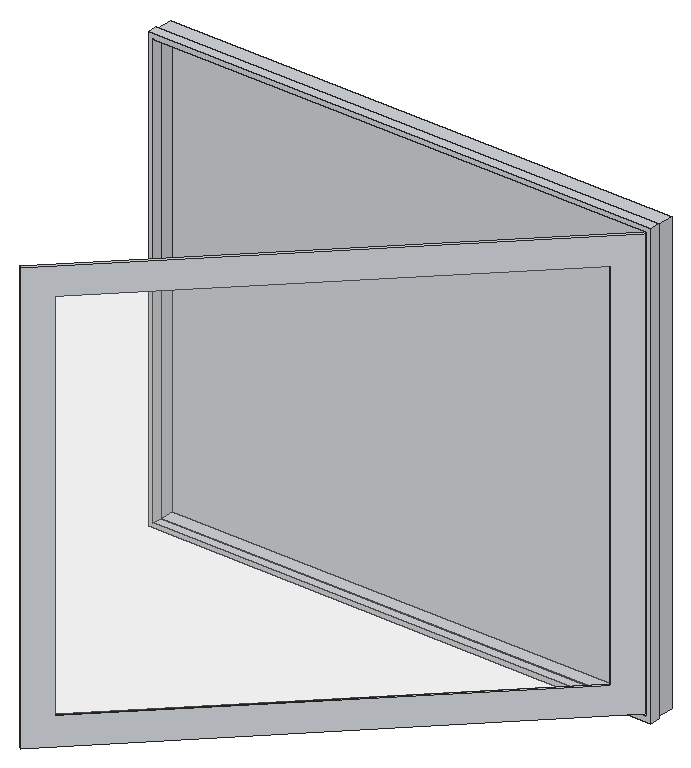
Revit family "Hager-Pablo-IP40-Transparent_Door-vuoto-NoHosted-IT-it", category Electrical Equipment, Revit 2020
Family settings
  Panel Configuration = Two Columns, Circuits Across
  Round Connector Dimension = Use Diameter
  Part Type = Panelboard
  Work Plane-Based = Yes
  Always vertical = Yes
  Cut with Voids When Loaded = No
  Shared = No
  Room Calculation Point = No
Parameters (values of type "Incassato IP40 L460 A575 P25 18 Unità di divisione - B04958")
  Width Control [instance] = if([HG000006 - Ad incasso], if([EF000846 - larghezza di montaggio] > min_whd, [EF000846 - larghezza di montaggio], min_whd), if([EF000008 - Larghezza] > min_whd, ([EF000008 - Larghezza]), min_whd))  # 460 mm
  Void Depth [instance] = if([EF000218 - profondità di incasso] > 1 mm, [EF000218 - profondità di incasso], 1 mm)  # 16 mm
  Type Comments = [HG000003 - Gamma]  # "Pablo"
  System Height [instance] = Height Control - 2 * [HG000005 - Spessore]  # 399 mm
  Panel Name [instance] = ""  # (empty or 0)
  Offset [instance] = 0 mm
  Model = [HG000004 - Codice produttore]  # "B04958"
  Level Offset [instance] = [Flush Mounted - Door Frame Width] + Offset  # 170 mm
  HG000017 - Distanza tra i poli = 18 mm
  HG000016 - Visibilità delle porte nella vista 3D [instance] = yes
  HG000015 - Visibilità attraverso la porta [instance] = no
  HG000014 - Porta destra [instance] = yes
  HG000013 - Porta sinistra [instance] = not([HG000014 - Porta destra])  # no
  HG000012 - Angolo di apertura della porta [instance] = 45.00°
  HG000011 - File vuote nella parte basse = no
  HG000010 - Porte asimmetriche = no
  HG000009 - Porta doppia a battente = no
  HG000008 - Numero di file vuote = 0
  HG000007 - Numero di colonne vuote = 0
  HG000006 - Ad incasso = yes
  HG000005 - Spessore = 3 mm  # constant formula
  HG000004 - Codice produttore = "B04958"
  HG000003 - Gamma = "Pablo"
  HG000002 - Con porta = yes
  HG000001 - Numero di colonne = 0
  EF015941 - Segnale di passaggio porta = no
  EF015777 - Morsettiera neutra = no
  EF015776 - Morsettiera di terra = no
  EF009212 - esecuzione coperchio = "EV000116 - chiuso"
  EF006306 - con serratura = no
  EF006244 - coperchio/porta trasparente = yes
  EF005474 - grado di protezione (IP) = "EV006415 - IP40"
  EF004462 - tipo di chiusura = "EV001412 - cilindro"
  EF002950 - Numero moduli DIN = 18
  EF001596 - Attacco Lampada = "EV000139 - plastica"
  EF001134 - barra DIN = yes
  EF001131 - profondità interna = 16 mm
  EF001088 - possibilità di applicazione = yes
  EF001062 - esecuzione EMC = no
  EF000846 - larghezza di montaggio = 460 mm
  EF000339 - tipo di copertura = "EV004216 - porta"
  EF000332 - Altezza della parte incassata = 405 mm
  EF000266 - numero di file = 3
  EF000218 - profondità di incasso = 16 mm
  EF000118 - con piastra di montaggio = no
  EF000116 - numero RAL = "7031"
  EF000049 - profondità = 25 mm
  EF000040 - Altezza = 575 mm
  EF000008 - Larghezza = 460 mm
  EF000007 - colore = "EV000154 - altri"
  EF000003 - Tipo di montaggio = "EV001247 - apparente/incassato"
  Description = ""
  Default Elevation = 1219.2 mm
  Arrow Offset [instance] = Depth Control / 8  # 2 mm
  Arrow Height [instance] = Depth Control - Arrow Offset  # 14 mm
  Host Offset [instance] = if([HG000006 - Ad incasso], 0 mm, [EF000049 - profondità])  # 0 mm
  min_whd [instance] = (2 * [HG000005 - Spessore]) + 1 mm  # 7 mm
  Manufacturer = "Hager"  # constant formula
  Height Control [instance] = if([HG000006 - Ad incasso], if([EF000332 - Altezza della parte incassata] > min_whd, [EF000332 - Altezza della parte incassata], min_whd), if([EF000040 - Altezza] > min_whd, ([EF000040 - Altezza]), min_whd))  # 405 mm
  Flush Mounted - Door Frame Width [instance] = if(([EF000040 - Altezza] - [EF000332 - Altezza della parte incassata]) > 0 mm, if([HG000006 - Ad incasso], [EF000040 - Altezza] - [EF000332 - Altezza della parte incassata], 0 mm), 0 mm)  # 170 mm
  Depth Control [instance] = if([HG000006 - Ad incasso], if([EF000218 - profondità di incasso] > 0 mm, [EF000218 - profondità di incasso], 1 mm), if([EF000049 - profondità] > 0 mm, ([EF000049 - profondità]), 1 mm))  # 16 mm
Types (28, lengths in mm): name | Width Control | Void Depth | System Height | Model | Level Offset | HG000006 - Ad incasso | HG000004 - Codice produttore | EF015941 - Segnale di passaggio porta | EF004462 - tipo di chiusura | EF002950 - Numero moduli DIN | EF001134 - barra DIN | EF001131 - profondità interna | EF001088 - possibilità di applicazione | EF000846 - larghezza di montaggio | EF000332 - Altezza della parte incassata | EF000266 - numero di file | EF000218 - profondità di incasso | EF000116 - numero RAL | EF000049 - profondità | EF000040 - Altezza | EF000008 - Larghezza | EF000007 - colore | EF000003 - Tipo di montaggio | Arrow Offset | Arrow Height | Host Offset | Height Control | Flush Mounted - Door Frame Width | Depth Control
  A parete IP40 L175 A191 P25 4 Unità di divisione - B04951 | 175 | 16 | 185 | "B04951" | 0 | no | "B04951" | no | "EV001412 - cilindro" | 4 | yes | 16 | yes | 175 | 160 | 1 | 16 | "7031" | 25 | 191 | 175 | "EV000154 - altri" | "EV001247 - apparente/incassato" | 3.125 | 21.875 | 25 | 191 | 0 | 25
  A parete IP40 L211 A191 P25 6 Unità di divisione - B04952 | 211 | 16 | 185 | "B04952" | 0 | no | "B04952" | no | "EV001412 - cilindro" | 6 | yes | 16 | yes | 211 | 160 | 1 | 16 | "7031" | 25 | 191 | 211 | "EV000154 - altri" | "EV001247 - apparente/incassato" | 3.125 | 21.875 | 25 | 191 | 0 | 25
  A parete IP40 L280 A235 P25 8 Unità di divisione - B04953 | 280 | 16 | 229 | "B04953" | 0 | no | "B04953" | no | "EV001412 - cilindro" | 8 | yes | 16 | yes | 280 | 160 | 1 | 16 | "7031" | 25 | 235 | 280 | "EV000154 - altri" | "EV001247 - apparente/incassato" | 3.125 | 21.875 | 25 | 235 | 0 | 25
  A parete IP40 L352 A275 P25 12 Unità di divisione - B04954 | 352 | 16 | 269 | "B04954" | 0 | no | "B04954" | no | "EV001412 - cilindro" | 12 | yes | 16 | yes | 352 | 160 | 1 | 16 | "7031" | 25 | 275 | 352 | "EV000154 - altri" | "EV001247 - apparente/incassato" | 3.125 | 21.875 | 25 | 275 | 0 | 25
  A parete IP40 L352 A425 P25 12 Unità di divisione - B04956 | 352 | 16 | 419 | "B04956" | 0 | no | "B04956" | no | "EV001412 - cilindro" | 12 | yes | 16 | yes | 352 | 405 | 2 | 16 | "7031" | 25 | 425 | 352 | "EV000154 - altri" | "EV001247 - apparente/incassato" | 3.125 | 21.875 | 25 | 425 | 0 | 25
  A parete IP40 L352 A575 P25 12 Unità di divisione - B04957 | 352 | 16 | 569 | "B04957" | 0 | no | "B04957" | no | "EV001412 - cilindro" | 12 | yes | 16 | yes | 352 | 405 | 3 | 16 | "7031" | 25 | 575 | 352 | "EV000154 - altri" | "EV001247 - apparente/incassato" | 3.125 | 21.875 | 25 | 575 | 0 | 25
  A parete IP40 L460 A275 P25 18 Unità di divisione - B04955 | 460 | 16 | 269 | "B04955" | 0 | no | "B04955" | no | "EV001412 - cilindro" | 18 | yes | 16 | yes | 460 | 160 | 1 | 16 | "7031" | 25 | 275 | 460 | "EV000154 - altri" | "EV001247 - apparente/incassato" | 3.125 | 21.875 | 25 | 275 | 0 | 25
  A parete IP40 L460 A575 P25 18 Unità di divisione - B04958 | 460 | 16 | 569 | "B04958" | 0 | no | "B04958" | no | "EV001412 - cilindro" | 18 | yes | 16 | yes | 460 | 405 | 3 | 16 | "7031" | 25 | 575 | 460 | "EV000154 - altri" | "EV001247 - apparente/incassato" | 3.125 | 21.875 | 25 | 575 | 0 | 25
  incassato IP40 L169 A180 P99 4 Unità di divisione - B04100 | 169 | 74 | 154 | "B04100" | 20 | yes | "B04100" | yes | "EV000154 - altri" | 4 | yes | 99 | no | 169 | 160 | 1 | 74 | "9016" | 99 | 180 | 169 | "EV000202 - bianco" | "EV000383 - incassato" | 9.25 | 64.75 | 0 | 160 | 20 | 74
  Incassato IP40 L175 A191 P25 4 Unità di divisione - B04951 | 175 | 16 | 154 | "B04951" | 31 | yes | "B04951" | no | "EV001412 - cilindro" | 4 | yes | 16 | yes | 175 | 160 | 1 | 16 | "7031" | 25 | 191 | 175 | "EV000154 - altri" | "EV001247 - apparente/incassato" | 2 | 14 | 0 | 160 | 31 | 16
  incassato IP40 L205 A180 P101 6 Unità di divisione - B04146 | 205 | 74 | 154 | "B04146" | 20 | yes | "B04146" | yes | "EV000154 - altri" | 6 | yes | 101 | no | 205 | 160 | 1 | 74 | "9016" | 101 | 180 | 205 | "EV000270 - grigio" | "EV000383 - incassato" | 9.25 | 64.75 | 0 | 160 | 20 | 74
  Incassato IP40 L211 A191 P25 6 Unità di divisione - B04952 | 211 | 16 | 154 | "B04952" | 31 | yes | "B04952" | no | "EV001412 - cilindro" | 6 | yes | 16 | yes | 211 | 160 | 1 | 16 | "7031" | 25 | 191 | 211 | "EV000154 - altri" | "EV001247 - apparente/incassato" | 2 | 14 | 0 | 160 | 31 | 16
  incassato IP40 L261 A225 P102 8 Unità di divisione - B04101 | 261 | 74 | 154 | "B04101" | 65 | yes | "B04101" | yes | "EV000154 - altri" | 8 | yes | 48 | no | 261 | 160 | 1 | 74 | "9016" | 102 | 225 | 261 | "EV000270 - grigio" | "EV000383 - incassato" | 9.25 | 64.75 | 0 | 160 | 65 | 74
  incassato IP40 L261 A225 P102 8 Unità di divisione - B04108 | 261 | 74 | 154 | "B04108" | 65 | yes | "B04108" | yes | "EV000154 - altri" | 8 | yes | 102 | no | 261 | 160 | 1 | 74 | "9016" | 102 | 225 | 261 | "EV000270 - grigio" | "EV000383 - incassato" | 9.25 | 64.75 | 0 | 160 | 65 | 74
  Incassato IP40 L280 A235 P25 8 Unità di divisione - B04953 | 280 | 16 | 154 | "B04953" | 75 | yes | "B04953" | no | "EV001412 - cilindro" | 8 | yes | 16 | yes | 280 | 160 | 1 | 16 | "7031" | 25 | 235 | 280 | "EV000154 - altri" | "EV001247 - apparente/incassato" | 2 | 14 | 0 | 160 | 75 | 16
  incassato IP40 L333 A275 P108 12 Unità di divisione - B04102 | 333 | 77 | 154 | "B04102" | 115 | yes | "B04102" | yes | "EV000154 - altri" | 12 | yes | 108 | no | 333 | 160 | 1 | 77 | "9016" | 108 | 275 | 333 | "EV000270 - grigio" | "EV000383 - incassato" | 9.625 | 67.375 | 0 | 160 | 115 | 77
  incassato IP40 L333 A275 P108 8 Unità di divisione - B04109 | 333 | 108 | 154 | "B04109" | 115 | yes | "B04109" | yes | "" | 8 | no | 108 | no | 333 | 160 | 1 | 108 | "9016" | 108 | 275 | 333 | "EV000154 - altri" | "EV000383 - incassato" | 13.5 | 94.5 | 0 | 160 | 115 | 108
  incassato IP40 L345 A425 P109 12 Unità di divisione - B04104 | 345 | 77 | 399 | "B04104" | 20 | yes | "B04104" | yes | "EV000154 - altri" | 12 | yes | 109 | no | 345 | 405 | 2 | 77 | "9016" | 109 | 425 | 345 | "EV000270 - grigio" | "EV000383 - incassato" | 9.625 | 67.375 | 0 | 405 | 20 | 77
  incassato IP40 L345 A425 P109 12 Unità di divisione - B04110 | 345 | 77 | 399 | "B04110" | 20 | yes | "B04110" | yes | "EV000154 - altri" | 12 | yes | 109 | yes | 345 | 405 | 2 | 77 | "" | 109 | 425 | 345 | "EV000154 - altri" | "EV000383 - incassato" | 9.625 | 67.375 | 0 | 405 | 20 | 77
  Incassato IP40 L352 A275 P25 12 Unità di divisione - B04954 | 352 | 16 | 154 | "B04954" | 115 | yes | "B04954" | no | "EV001412 - cilindro" | 12 | yes | 16 | yes | 352 | 160 | 1 | 16 | "7031" | 25 | 275 | 352 | "EV000154 - altri" | "EV001247 - apparente/incassato" | 2 | 14 | 0 | 160 | 115 | 16
  Incassato IP40 L352 A425 P25 12 Unità di divisione - B04956 | 352 | 16 | 399 | "B04956" | 20 | yes | "B04956" | no | "EV001412 - cilindro" | 12 | yes | 16 | yes | 352 | 405 | 2 | 16 | "7031" | 25 | 425 | 352 | "EV000154 - altri" | "EV001247 - apparente/incassato" | 2 | 14 | 0 | 405 | 20 | 16
  Incassato IP40 L352 A575 P25 12 Unità di divisione - B04957 | 352 | 16 | 399 | "B04957" | 170 | yes | "B04957" | no | "EV001412 - cilindro" | 12 | yes | 16 | yes | 352 | 405 | 3 | 16 | "7031" | 25 | 575 | 352 | "EV000154 - altri" | "EV001247 - apparente/incassato" | 2 | 14 | 0 | 405 | 170 | 16
  incassato IP40 L441 A300 P114 18 Unità di divisione - B04103 | 441 | 77 | 154 | "B04103" | 140 | yes | "B04103" | yes | "EV000154 - altri" | 18 | yes | 114 | no | 441 | 160 | 1 | 77 | "9016" | 114 | 300 | 441 | "EV000270 - grigio" | "EV000383 - incassato" | 9.625 | 67.375 | 0 | 160 | 140 | 77
  incassato IP40 L455 A475 P114 12 Unità di divisione - B04105 | 455 | 77 | 399 | "B04105" | 70 | yes | "B04105" | yes | "EV000154 - altri" | 12 | yes | 114 | no | 455 | 405 | 2 | 77 | "9016" | 114 | 475 | 455 | "EV000270 - grigio" | "EV000383 - incassato" | 9.625 | 67.375 | 0 | 405 | 70 | 77
  incassato IP40 L455 A650 P135 18 Unità di divisione - B04106 | 455 | 77 | 624 | "B04106" | 20 | yes | "B04106" | yes | "EV000154 - altri" | 18 | yes | 135 | no | 455 | 630 | 3 | 77 | "9016" | 135 | 650 | 455 | "EV000270 - grigio" | "EV000383 - incassato" | 9.625 | 67.375 | 0 | 630 | 20 | 77
  incassato IP40 L455 A850 P135 18 Unità di divisione - B04147 | 455 | 77 | 815 | "B04147" | 29 | yes | "B04147" | yes | "EV000154 - altri" | 18 | yes | 135 | no | 455 | 821 | 4 | 77 | "9016" | 135 | 850 | 455 | "EV000270 - grigio" | "EV000383 - incassato" | 9.625 | 67.375 | 0 | 821 | 29 | 77
  Incassato IP40 L460 A275 P25 18 Unità di divisione - B04955 | 460 | 16 | 154 | "B04955" | 115 | yes | "B04955" | no | "EV001412 - cilindro" | 18 | yes | 16 | yes | 460 | 160 | 1 | 16 | "7031" | 25 | 275 | 460 | "EV000154 - altri" | "EV001247 - apparente/incassato" | 2 | 14 | 0 | 160 | 115 | 16
  Incassato IP40 L460 A575 P25 18 Unità di divisione - B04958 | 460 | 16 | 399 | "B04958" | 170 | yes | "B04958" | no | "EV001412 - cilindro" | 18 | yes | 16 | yes | 460 | 405 | 3 | 16 | "7031" | 25 | 575 | 460 | "EV000154 - altri" | "EV001247 - apparente/incassato" | 2 | 14 | 0 | 405 | 170 | 16
Reference planes
  plane 1 "Center (Front/Back)": y = 0
  plane 2: z = 0
  plane 3 "Center (Left/Right)": x = 0
  plane 4: y = 173
  plane 5: y = 16
  plane 6: y = 170
  plane 7: z = 0
  plane 8: x = -230
  plane 9: x = 230
  plane 10: x = 227
  plane 11: x = -227
  plane 12: z = 170
  plane 13: z = 173
  plane 14: y = 5
  plane 15: y = 0
  plane 16: y = 13
  plane 17: z = 572
  plane 18: z = 575
  plane 19: z = 372.5
  plane 20: x = 0
  plane 21: y = -100
Forms (mm)
  Extrusion 1, solid
    sketch origin (-208.679, -4572, 170) x (-1, 0, 0) y (0, -1, 0)
      loop
        line (21.321, -4572) -> (-438.679, -4572) -> (-438.679, -4588) -> (21.321, -4588) -> (21.321, -4572)
    from 0 to 405 <- "Height Control"
  Extrusion 2, void
    sketch origin (-350.771, 0, 1219.2) x (1, 0, 0) y (0, 0, 1)
      loop
        line (123.771, -647.2) -> (123.771, -1046.2) -> (577.771, -1046.2) -> (577.771, -647.2) -> (123.771, -647.2)
    from 0 to -13
  Extrusion 3, solid, detail levels coarse+medium
    sketch origin (-350.771, 0, 1219.2) x (-1, 0, 0) y (0, 0, 1)
      loop
        line (-123.771, -647.2) -> (-577.771, -647.2) -> (-577.771, -1046.2) -> (-123.771, -1046.2) -> (-123.771, -647.2)
    from 0 to 3 <- "HG000005 - Spessore"
Cuts and joins
  Extrusion 2 cuts Extrusion 1
Dimensions and locks
  "Flush Mounted - Door Frame Width": plane 1 "Center (Front/Back)" to plane 6
  "HG000005 - Spessore": plane 4 to plane 6
  "HG000005 - Spessore": plane 8 to plane 11
  "HG000005 - Spessore": plane 9 to plane 10
  equal spacing: plane 8, plane 3 "Center (Left/Right)", plane 9
  "Width Control": plane 8 to plane 9
  locked: plane 14 to plane 15 at 5
  "Host Offset": plane 1 "Center (Front/Back)" to plane 15
  "Depth Control": plane 5 to plane 15
  "HG000005 - Spessore": plane 5 to plane 16
  "HG000005 - Spessore": plane 13 to plane 12
  "Level Offset": plane 12 to level
  "HG000005 - Spessore": plane 18 to plane 17
  "Height Control": plane 18 to plane 12
  "Arrow Offset": plane 5 to nested 4
  equal spacing: plane 18, plane 19, plane 12
  locked: connector elem to plane 19
  locked: connector elem to plane 3 "Center (Left/Right)"
  aligned and locked: nested 1 to plane 14
  aligned and locked: plane 3 "Center (Left/Right)" to nested 1
  aligned and locked: plane 3 "Center (Left/Right)" to nested 2
  aligned and locked: nested 2 to plane 15
  aligned and locked: plane 5 to Extrusion 1
  aligned and locked: Extrusion 3 sketch curve to plane 17
  aligned and locked: Extrusion 3 sketch curve to plane 11
  aligned and locked: Extrusion 3 sketch curve to plane 13
  aligned and locked: Extrusion 3 sketch curve to plane 10
  aligned and locked: Extrusion 2 sketch curve to plane 13
  aligned and locked: Extrusion 2 sketch curve to plane 10
  aligned and locked: Extrusion 2 sketch curve to plane 17
  aligned and locked: Extrusion 2 sketch curve to plane 11
  aligned and locked: plane 16 to Extrusion 2
  aligned and locked: plane 5 to Extrusion 1 sketch curve
  aligned and locked: plane 9 to Extrusion 1 sketch curve
  aligned and locked: plane 8 to Extrusion 1 sketch curve
  aligned and locked: plane 8 to nested 4
  aligned and locked: plane 8 to nested 3
  aligned and locked: nested 3 to plane 5
  aligned and locked: Extrusion 1 sketch curve to plane 15
  aligned and locked: Extrusion 2 to plane 15
Nested families
  nested 1: "Hager_Enclosure_System" at (0, 5, 173), Flush_Mounted <- "HG000006 - Ad incasso", Width <- "EF000008 - Larghezza", Height <- "System Height", Width_Control <- "Width Control", Row_Module_Multiplicator <- "EF002950 - Numero moduli DIN", Empty_Columns <- "HG000007 - Numero di colonne vuote", Built-in_Width <- "EF000846 - larghezza di montaggio", Border <- "HG000005 - Spessore", Total_No_Empty_Rows <- "HG000008 - Numero di file vuote", Depth <- "HG000005 - Spessore", Empty_Rows_From_Bottom <- "HG000011 - File vuote nella parte basse", Distance_Between_Poles <- "HG000017 - Distanza tra i poli", Rows_Count <- "EF000266 - numero di file", Columns_Count <- "HG000001 - Numero di colonne", type "Hager_Enclosure_System", detail levels medium+fine
    with Width_Control 460 mm, Width 460 mm, Total_No_Rows 3, Total_No_Empty_Rows 0, Total_No_Columns 1, System_Width 454 mm, Rows_Count 3, Rows_Column 3, Row_Module_Multiplicator 18, Panel_4 no, Panel_3 no, Panel_2 no, Panel_1 no, No_Panels_Ctrl 1, Hide_Columns yes, Height 399 mm, Flush_Mounted yes, Empty_Rows_From_Bottom no, Empty_Rows_Column 0, Empty_Columns 0, Distance_Between_Poles 18 mm, Depth 3 mm, Columns_Count 0, Column_Width 454 mm, Built-in_Width 460 mm, Border 3 mm
  nested 2: "Hager_Enclosure_Door" at (0, 0, 170), Double <- "HG000009 - Porta doppia a battente", Height_Ctrl <- "Height Control", Transparent <- "EF006244 - coperchio/porta trasparente", Depth <- "EF000049 - profondità", Height <- "EF000040 - Altezza", Angle <- "HG000012 - Angolo di apertura della porta", Door_Right <- "HG000014 - Porta destra", Assymetrical <- "HG000010 - Porte asimmetriche", Flush_Mounted <- "HG000006 - Ad incasso", BuiltIn_Depth <- "EF000218 - profondità di incasso", BuiltIn_Width <- "EF000846 - larghezza di montaggio", Door <- "HG000002 - Con porta", Width_Ctrl <- "Width Control", 3d_Door <- "HG000016 - Visibilità delle porte nella vista 3D", Width <- "EF000008 - Larghezza", Border <- "HG000005 - Spessore", BuiltIn_Height <- "EF000332 - Altezza della parte incassata", Clearance <- "HG000015 - Visibilità attraverso la porta", Door_Left <- "HG000013 - Porta sinistra", type "Hager_Enclosure_Door", detail levels medium+fine
    with min_wh 7 mm, Width_Ctrl 460 mm, Width 460 mm, Transparent_Door_No_Bottom_Border no, Transparent yes, Leaf_Width 451 mm, Leaf_Tolerance 1.5 mm, Leaf_Height 396 mm, Leaf_2_Width 451 mm, Leaf_2_Offset 225.5 mm, Leaf_1_Width 451 mm, Leaf_1_Offset 225.5 mm, Height_Ctrl 405 mm, Height 575 mm, Frame_Width_Ctrl 1 mm, Frame_Width 0 mm, Frame_Internal_Offset 3 mm, Frame_Height_Ctrl 170 mm, Frame_Height 170 mm, Frame_Depth_Ctrl 9 mm, Frame_Depth 9 mm, Flush_Mounted yes, Double_Clearance_Ctrl no, Double no, Door_Right_Ctrl yes, Door_Right yes, Door_Left_Ctrl no, Door_Left no, Door yes, Depth 25 mm, Clearance_Depth 451 mm, Clearance_Ctrl no, Clearance no, BuiltIn_Width 460 mm, BuiltIn_Height 405 mm, BuiltIn_Depth 16 mm, Border 3 mm, Assymetrical no, Angle 45.00°, 3d_Door yes
  nested 3: "Hager_Enclosure_Symbol_Triangle" at (-230, 16, 0), Depth <- "Depth Control", Width <- "Width Control", type "Hager_Enclosure_Symbol_Triangle"
    with Width_Ctrl 460 mm, Width 460 mm, Depth_Ctrl 16 mm, Depth 16 mm
  nested 4: "Hager_Enclosure_Symbol_Arrow" at (-230, 14, 0), Height <- "Arrow Height", type "Hager_Enclosure_Symbol_Arrow"
    with Width_Inside 2 mm, Width 12.6 mm, Height_Ctrl 14 mm, Height 14 mm
Connectors
  electrical at (0, 16, 372.5)
    settings: on plane 5, index 1, voltage 0 V, apparent load 0 VA, apparent load phase1 0 VA, apparent load phase2 0 VA, apparent load phase3 0 VA, power factor 1, load classification "Other", number of poles 1, system type 30, power factor state 1, is connector primary yes, connector utility no, sub classification motor no, connector description ""
Definition of nested family "Hager_Enclosure_Door"
  Parameters (values of type "Hager_Enclosure_Door")
    min_wh [instance] = (2 * Border) + 1 mm  # 11 mm
    Width_Ctrl [instance] = 400 mm
    Width [instance] = 500 mm
    Transparent_Door_No_Bottom_Border [instance] = no
    Transparent [instance] = yes
    Leaf_Width [instance] = if((Width_Ctrl - 2 * Border - 2 * Leaf_Tolerance) > 0 mm, (Width_Ctrl - 2 * Border - 2 * Leaf_Tolerance), min_wh)  # 387 mm
    Leaf_Tolerance [instance] = 1.5 mm  # constant formula
    Leaf_Height [instance] = if((Height_Ctrl - 2 * Border - 2 * Leaf_Tolerance) > 0 mm, (Height_Ctrl - 2 * Border - 2 * Leaf_Tolerance), min_wh)  # 387 mm
    Leaf_2_Width [instance] = if(and(and(Double, Assymetrical), Door_Left), (Leaf_Width / 3) - (Leaf_Tolerance / 2), if(and(and(Double, Assymetrical), Door_Right), (Leaf_Width / 3) * 2 - (Leaf_Tolerance / 2), if(and(Double, not(Assymetrical)), (Leaf_Width / 2) - Leaf_Tolerance, Leaf_Width)))  # 387 mm
    Leaf_2_Offset [instance] = if(and(Double, Assymetrical), Leaf_2_Width / 2, if(and(Double, not(Assymetrical)), Leaf_Width / 4, Leaf_Width / 2))  # 193.5 mm
    Leaf_1_Width [instance] = if(and(and(Double, Assymetrical), Door_Right), (Leaf_Width / 3) - (Leaf_Tolerance / 2), if(and(and(Double, Assymetrical), Door_Left), (Width / 3) * 2 - (Leaf_Tolerance / 2), if(and(Double, not(Assymetrical)), (Leaf_Width / 2) - Leaf_Tolerance, Leaf_Width)))  # 387 mm
    Leaf_1_Offset [instance] = if(and(Double, Assymetrical), Leaf_1_Width / 2, if(and(Double, not(Assymetrical)), Leaf_Width / 4, Leaf_Width / 2))  # 193.5 mm
    Height_Ctrl [instance] = 400 mm
    Height [instance] = 500 mm
    Frame_Width_Ctrl [instance] = if(Frame_Width > 0 mm, Frame_Width, 1 mm)  # 1 mm
    Frame_Width [instance] = Width - BuiltIn_Width  # 0 mm
    Frame_Internal_Offset [instance] = if(Flush_Mounted, Border, 0 mm)  # 5 mm
    Frame_Height_Ctrl [instance] = if(Frame_Height > 0 mm, Frame_Height, 1 mm)  # 1 mm
    Frame_Height [instance] = Height - BuiltIn_Height  # 0 mm
    Frame_Depth_Ctrl [instance] = if(Frame_Depth > 0 mm, Frame_Depth, 1 mm)  # 1 mm
    Frame_Depth [instance] = if(Depth - BuiltIn_Depth > 0 mm, if(Flush_Mounted, Depth - BuiltIn_Depth, 0 mm), 0 mm)  # 0 mm
    Flush_Mounted [instance] = yes
    Double_Clearance_Ctrl [instance] = and(Double, Clearance)  # no
    Double [instance] = no
    Door_Right_Ctrl [instance] = and(or(Door_Right, Double), Door)  # yes
    Door_Right [instance] = yes
    Door_Left_Ctrl [instance] = and(or(Door_Left, Double), Door)  # no
    Door_Left [instance] = no
    Door [instance] = yes
    Depth [instance] = 500 mm
    Default Elevation = 1219.2 mm
    Clearance_Material = none
    Clearance_Depth [instance] = if(Leaf_1_Width > Leaf_2_Width, Leaf_1_Width, Leaf_2_Width)  # 387 mm
    Clearance_Ctrl [instance] = and(not(Double), Clearance)  # yes
    Clearance [instance] = yes
    BuiltIn_Width [instance] = 500 mm
    BuiltIn_Height [instance] = 500 mm
    BuiltIn_Depth [instance] = 500 mm
    Border [instance] = 5 mm
    Assymetrical [instance] = yes
    Angle [instance] = 30.00°
    3d_Door [instance] = yes
  Reference planes
    plane 1 "Center (Front/Back)": y = 0
    plane 2 "Bottom": z = 0
    plane 3 "Center (Left/Right)": x = 0
    plane 4: z = 400
    plane 5: x = -200
    plane 6: x = 200
    plane 7: z = 395
    plane 8: x = -195
    plane 9: z = 5
    plane 10: x = 195
    plane 11: y = 0
    plane 12: z = 6.5
    plane 13: x = -582
    plane 14: y = -387
    plane 15: x = 582
    plane 16: x = 0
    plane 17: x = 0
    plane 18: x = -193.5
    plane 19: x = 193.5
    plane 20: z = 393.5
  Forms (mm)
    Extrusion 1, solid, visible <- "Flush_Mounted"
      sketch origin (0, 0, 0) x (1, 0, 0) y (0, 0, 1)
        loop
          line (195, 5) -> (195, 395) -> (-195, 395) -> (-195, 5) -> (195, 5)
        loop
          line (-201, 401) -> (-201, -1) -> (201, -1) -> (201, 401) -> (-201, 401)
      from 0 to 1 <- "Frame_Depth_Ctrl"
    Extrusion 2, solid, material <- "Clearance_Material", visible <- "Double_Clearance_Ctrl"
      sketch origin (1200, 0, 0) x (1, 0, 0) y (0, 0, -1)
        loop
          line (-1782, -393.5) -> (-618, -393.5) -> (-618, 0) -> (-1782, 0) -> (-1782, -393.5)
      from 0 to -387
  Dimensions and locks
    equal spacing: plane 5, plane 3 "Center (Left/Right)", plane 6
    "Width_Ctrl": plane 5 to plane 6
    "Border": plane 5 to plane 8
    "Border": plane 6 to plane 10
    "Border": plane 9 to level
    "Border": plane 4 to plane 7
    "Height_Ctrl": plane 4 to level
    "Leaf_Tolerance": plane 12 to plane 9
    "Frame_Depth": plane 11 to plane 1 "Center (Front/Back)"
    "Frame_Width_Ctrl": plane 5 to Extrusion 1 sketch curve
    "Frame_Width_Ctrl": plane 6 to Extrusion 1 sketch curve
    "Frame_Width_Ctrl": Extrusion 1 sketch curve to plane 4
    "Frame_Width_Ctrl": plane 2 "Bottom" to Extrusion 1 sketch curve
    "Leaf_1_Offset": plane 18 to plane 16
    "Leaf_2_Offset": plane 17 to plane 19
    "Leaf_1_Width": plane 13 to plane 8
    "Leaf_2_Width": plane 10 to plane 15
    "Clearance_Depth": plane 14 to plane 1 "Center (Front/Back)"
    "Leaf_Tolerance": plane 8 to plane 18
    "Leaf_Tolerance": plane 19 to plane 10
    "Leaf_Tolerance": plane 7 to plane 20
    "Frame_Internal_Offset": plane 5 to Extrusion 1 sketch curve
    "Frame_Internal_Offset": Extrusion 1 sketch curve to plane 2 "Bottom"
    "Frame_Internal_Offset": plane 6 to Extrusion 1 sketch curve
    "Frame_Internal_Offset": plane 4 to Extrusion 1 sketch curve
    aligned and locked: level to plane 2 "Bottom"
    aligned and locked: nested 1 to plane 16
    aligned and locked: nested 2 to plane 17
    aligned and locked: Extrusion 2 to plane 13
    aligned and locked: plane 15 to Extrusion 2
    aligned and locked: Extrusion 2 to plane 14
    aligned and locked: plane 12 to nested 1
    aligned and locked: nested 2 to plane 12
    aligned and locked: Extrusion 2 to plane 11
    aligned and locked: plane 20 to Extrusion 2
    aligned and locked: nested 2 to plane 11
    aligned and locked: nested 1 to plane 11
  Automatic sketch dimensions
    Extrusion 2 sketch curve to level = 0 mm
    plane 5 to Extrusion 2 sketch curve = 382 mm
    plane 6 to Extrusion 2 sketch curve = 382 mm
    Extrusion 2 sketch curve to plane 4 = 6.5 mm
  Nested families
    nested 1: "Hager_Enclosure_Door_Leaf" at (0, 0, 6.5), Width <- "Leaf_1_Width", visible <- "Door_Left_Ctrl", Leaf_Height <- "Leaf_Height", Angle <- "Angle", Depth <- "Border", 3d_Door <- "3d_Door", Transparent <- "Transparent", Clearance Material <- "Clearance_Material", Clearance <- "Clearance_Ctrl", Transparent_Door_No_Bottom_Border <- "Transparent_Door_No_Bottom_Border", type "Hager_Enclosure_Door_Leaf"
      with Width 387 mm, Transparent_Door_No_Bottom_Border no, Transparent_Door_Border_Bottom_Top 25 mm, Transparent_Door_Border 25 mm, Transparent_Ctrl yes, Transparent yes, Standard no, Leaf_Height 387 mm, Glass_Offset 1 mm, Depth 5 mm, Clearance Material none, Clearance yes, Angle_Ctrl 30.00°, Angle 30.00°, 3d_Door yes
    nested 2: "Hager_Enclosure_Door_Leaf" at (0, 0, 6.5) x (-1, 0, 0) z (0, 0, 1), Width <- "Leaf_2_Width", visible <- "Door_Right_Ctrl", Leaf_Height <- "Leaf_Height", Angle <- "Angle", Depth <- "Border", 3d_Door <- "3d_Door", Transparent <- "Transparent", Clearance Material <- "Clearance_Material", Clearance <- "Clearance_Ctrl", Transparent_Door_No_Bottom_Border <- "Transparent_Door_No_Bottom_Border", type "Hager_Enclosure_Door_Leaf"
      with Width 387 mm, Transparent_Door_No_Bottom_Border no, Transparent_Door_Border_Bottom_Top 25 mm, Transparent_Door_Border 25 mm, Transparent_Ctrl yes, Transparent yes, Standard no, Leaf_Height 387 mm, Glass_Offset 1 mm, Depth 5 mm, Clearance Material none, Clearance yes, Angle_Ctrl 30.00°, Angle 30.00°, 3d_Door yes
  Definition of nested family "Hager_Enclosure_Door_Leaf"
    Parameters (values of type "Hager_Enclosure_Door_Leaf")
      Width [instance] = 2000 mm
      Transparent_Door_No_Bottom_Border [instance] = yes
      Transparent_Door_Border_Bottom_Top [instance] = if(Transparent_Door_No_Bottom_Border, 0.1 mm, Transparent_Door_Border)  # 0.1 mm
      Transparent_Door_Border [instance] = if(Transparent_Door_No_Bottom_Border, (Width * 0.12), 25 mm)  # 240 mm
      Transparent_Ctrl [instance] = and(Transparent, [3d_Door])  # yes
      Transparent [instance] = yes
      Standard [instance] = and(not(Transparent), [3d_Door])  # no
      Leaf_Height [instance] = 2720.336 mm
      Glass_Offset [instance] = if((Depth - 10 mm) / 2 > 0 mm, (Depth - 10 mm) / 2, 1 mm)  # 15 mm
      Glass_Material = none
      Depth [instance] = 40 mm
      Default Elevation = 0 mm
      Clearance Material [instance] = none
      Clearance [instance] = yes
      Angle_Ctrl [instance] = if(Angle > 170.00°, 170.00°, Angle)  # 45.00°
      Angle [instance] = 45.00°
      3d_Door [instance] = yes
    Reference planes
      plane 1 "Center (Front/Back)": y = 0
      plane 2: z = 0
      plane 3 "Center (Left/Right)": x = 0
      plane 4: y = 2000
      plane 5: x = -1000
      plane 6: x = 1000
      plane 7: x = -3000
      plane 8: z = 2720.336
      plane 9: z = 0.1
      plane 10: z = 2720.236
      plane 11: x = 760
      plane 12: x = -760
    Forms (mm)
      Extrusion 1, solid, material <- "Clearance Material", visible <- "Clearance"
        sketch origin (0, 0, 0) x (1, 0, 0) y (0, 0, 1)
          loop
            line (-3000, 2720.336) -> (-3000, 0) -> (1000, 0) -> (1000, 2720.336) -> (-3000, 2720.336)
        from 0 to -2000
      Extrusion 2, solid, visible <- "Standard", detail levels medium+fine
        sketch origin (-1000, 0, 0) x (0.707107, 0.707107, 0) y (-0.707107, 0.707107, 0)
          loop
            line (0, -40) -> (2000, -40) -> (2000, 0) -> (0, 0) -> (0, -40)
        from 0 to 2720.336 <- "Leaf_Height"
      Extrusion 3, solid, visible <- "Transparent_Ctrl", detail levels medium+fine
        sketch origin (-1000, 0, 0) x (0.707107, 0.707107, 0) y (-0.707107, 0.707107, 0)
          loop
            line (0, -40) -> (2000, -40) -> (2000, 0) -> (0, 0) -> (0, -40)
        from 0 to 2720.336 <- "Leaf_Height"
      Extrusion 4, void, detail levels medium+fine
        sketch origin (-1000, 0, 0) x (-0.707107, 0.707107, 0) y (0.707107, 0.707107, 0)
          loop
            line (0, 240) -> (0, 1760) -> (-40, 1760) -> (-40, 240) -> (0, 240)
        from -2720.236 to -0.1
      Extrusion 5, solid, material <- "Glass_Material", visible <- "Transparent_Ctrl", detail levels medium+fine
        sketch origin (-1000, 0, 0) x (0.707107, 0.707107, 0) y (-0.707107, 0.707107, 0)
          loop
            line (240, -15) -> (240, -25) -> (1760, -25) -> (1760, -15) -> (240, -15)
        from 0.1 to 2720.236
    Cuts and joins
      Extrusion 4 cuts Extrusion 3
    Lines and regions (mm)
      symbolic lines
        curve 1: line (1000, 0, 0) -> (-3000, 0, 0)
        curve 2: arc (1000, 0, 0) -> (-1000, 2000, 0) -> (-3000, 0, 0) r 2000
        curve 4: line (-1000, 0, 0) -> (414.214, 1414.214, 0)
      reference lines
        curve 3: line (-1000, 0, 0) -> (414.214, 1414.214, 0)
      symbolic lines, detail levels medium+fine
        curve 5: line (414.214, 1414.214, 0) -> (442.498, 1385.929, 0)
        curve 6: line (442.498, 1385.929, 0) -> (-971.716, -28.284, 0)
        curve 7: line (-971.716, -28.284, 0) -> (-1000, 0, 0)
        curve 8: line (-1000, 0, 2720.336) -> (1000, 0, 2720.336)
        curve 9: line (-1000, 0, 0) -> (-1000, 0, 2720.336)
        curve 10: line (1000, 0, 0) -> (-1000, 0, 0)
        curve 11: line (1000, 0, 2720.336) -> (1000, 0, 0)
      symbolic lines, visible <- "Transparent_Ctrl", detail levels medium+fine
        curve 12: line (-760, 0, 2720.236) -> (760, 0, 2720.236)
        curve 13: line (-760, 0, 0.1) -> (-760, 0, 2720.236)
        curve 14: line (760, 0, 0.1) -> (-760, 0, 0.1)
        curve 15: line (760, 0, 2720.236) -> (760, 0, 0.1)
    Dimensions and locks
      "Width": plane 1 "Center (Front/Back)" to plane 4
      equal spacing: plane 5, plane 3 "Center (Left/Right)", plane 6
      "Width": plane 5 to plane 6
      "Width": plane 7 to plane 5
      "Leaf_Height": plane 8 to level
      "Depth": curve 6 to curve 3
      "Width": curve 5 to curve 3
      "Width": curve 3 to curve 3
      "Transparent_Door_Border": Extrusion 4 sketch curve to curve 7
      "Transparent_Door_Border": Extrusion 4 sketch curve to curve 5
      "Transparent_Door_Border_Bottom_Top": plane 8 to plane 10
      "Transparent_Door_Border_Bottom_Top": plane 9 to level
      "Glass_Offset": Extrusion 5 sketch curve to curve 4
      "Glass_Offset": Extrusion 5 sketch curve to curve 6
      "Transparent_Door_Border": Extrusion 5 sketch curve to curve 5
      "Transparent_Door_Border": Extrusion 5 sketch curve to curve 7
      "Transparent_Door_Border": plane 12 to plane 5
      "Transparent_Door_Border": plane 6 to plane 11
      "Angle_Ctrl": angle plane 1 "Center (Front/Back)" to curve 3
      aligned and locked: level to plane 2
      aligned and locked: Extrusion 1 to curve 1
      aligned and locked: plane 6 to Extrusion 1
      aligned and locked: Extrusion 1 to plane 1 "Center (Front/Back)"
      aligned and locked: plane 4 to Extrusion 1
      aligned and locked: plane 8 to Extrusion 1
      aligned and locked: curve 4 to curve 3
      aligned and locked: Extrusion 2 sketch curve to curve 7
      aligned and locked: Extrusion 2 sketch curve to curve 6
      aligned and locked: Extrusion 2 sketch curve to curve 5
      aligned and locked: Extrusion 2 sketch curve to curve 3
      aligned and locked: curve 7 to Extrusion 3 sketch curve
      aligned and locked: Extrusion 3 sketch curve to curve 4
      aligned and locked: Extrusion 3 sketch curve to curve 6
      aligned and locked: Extrusion 3 sketch curve to curve 5
      aligned and locked: curve 4 to Extrusion 4 sketch curve
      aligned and locked: curve 6 to Extrusion 4 sketch curve
      aligned and locked: Extrusion 4 to plane 9
      aligned and locked: Extrusion 4 to plane 10
      aligned and locked: Extrusion 5 to plane 9
      aligned and locked: Extrusion 5 to plane 10
      aligned and locked: curve 8 to plane 8
      aligned and locked: plane 5 to curve 9
      aligned and locked: plane 2 to curve 10
      aligned and locked: curve 11 to plane 6
      aligned and locked: plane 10 to curve 12
      aligned and locked: plane 12 to curve 13
      aligned and locked: curve 14 to plane 9
      aligned and locked: plane 11 to curve 15
    Automatic sketch dimensions
      plane 1 "Center (Front/Back)" to curve 2 = 0 mm
      curve 2 to plane 5 = 0 mm
      Extrusion 1 sketch curve to level = 0 mm
      Extrusion 1 sketch curve to plane 7 = 0 mm
      Extrusion 1 sketch curve to plane 6 = 0 mm
      Extrusion 1 sketch curve to plane 8 = 0 mm
      plane 1 "Center (Front/Back)" to curve 3 = 0 mm
      curve 3 to plane 5 = 0 mm
      curve 7 to curve 3 = 0 mm
Definition of nested family "Hager_Enclosure_Symbol_Triangle"
  Parameters (values of type "Hager_Enclosure_Symbol_Triangle")
    Width_Ctrl [instance] = if(Width > 1 mm, Width, 1 mm)  # 498 mm
    Width [instance] = 498 mm
    Depth_Ctrl [instance] = if(Depth > 1 mm, Depth, 1 mm)  # 72 mm
    Depth [instance] = 72 mm
  Reference planes
    plane 1 "Centre (avant/arrière)": y = 0
    plane 2: z = 0
    plane 3 "Centre (gauche/droite)": x = 0
  Lines and regions (mm)
    Filled region 1, type "Solid_Black", in view "Niveau de réf."
      outline origin (0, 0, 0) x (1, 0, 0) y (0, 1, 0)
        loop
          line (0, 0) -> (498, 0) -> (498, 72) -> (0, 0)
    reference lines, in view "Niveau de réf."
      curve 1: line (-206.153, 72, 0) -> (1083.258, 72, 0)
      curve 2: line (498, 405.456, 0) -> (498, -517.619, 0)
  Dimensions and locks
    "Depth_Ctrl": plane 1 "Centre (avant/arrière)" to curve 1
    "Width_Ctrl": plane 3 "Centre (gauche/droite)" to curve 2
    aligned and locked: curve 1 to Filled region 1 sketch curve
    aligned and locked: Filled region 1 sketch curve to plane 1 "Centre (avant/arrière)"
    aligned and locked: curve 2 to Filled region 1 sketch curve
    aligned and locked: plane 3 "Centre (gauche/droite)" to Filled region 1 sketch curve
    aligned and locked: plane 1 "Centre (avant/arrière)" to Filled region 1 sketch curve
  Automatic sketch dimensions
    curve 1 to plane 3 "Centre (gauche/droite)" = 206.153 mm
    curve 2 to curve 1 = 585.258 mm
    plane 1 "Centre (avant/arrière)" to curve 2 = 517.619 mm
    curve 2 to plane 1 "Centre (avant/arrière)" = 405.456 mm
Definition of nested family "Hager_Enclosure_Symbol_Arrow"
  Parameters (values of type "Hager_Enclosure_Symbol_Arrow")
    Width_Inside [instance] = if(Width / 12 > 2 mm, Width / 12, 2 mm)  # 4.987 mm
    Width [instance] = if(Height_Ctrl * 0.9 > 2 mm, Height_Ctrl * 0.9, 2 mm)  # 59.85 mm
    Height_Ctrl [instance] = if(Height > 2 mm, Height, 2 mm)  # 66.5 mm
    Height [instance] = 66.5 mm
  Reference planes
    plane 1 "Centre (avant/arrière)": y = 0
    plane 2: z = 0
    plane 3 "Centre (gauche/droite)": x = 0
    plane 4: x = 59.85
    plane 5: y = 28.263
    plane 6: y = 38.238
    plane 7: y = 66.5
    plane 8: x = 29.925
    plane 9: y = 33.25
  Lines and regions (mm)
    Filled region 1, type "Solid_Black", in view "Niveau de réf."
      outline origin (0, 0, 0) x (1, 0, 0) y (0, 1, 0)
        loop
          line (59.85, 66.5) -> (37.929, 52.827) -> (51.846, 41.935) -> (59.85, 66.5)
    detail lines, in view "Niveau de réf."
      curve 1: line (0, 0, 0) -> (29.925, 38.238, 0)
      curve 2: line (29.925, 38.238, 0) -> (29.925, 28.263, 0)
      curve 3: line (29.925, 28.263, 0) -> (59.85, 66.5, 0)
  Dimensions and locks
    "Width": plane 3 "Centre (gauche/droite)" to plane 4
    "Height_Ctrl": plane 7 to plane 1 "Centre (avant/arrière)"
    equal spacing: plane 3 "Centre (gauche/droite)", plane 8, plane 4
    equal spacing: plane 7, plane 9, plane 1 "Centre (avant/arrière)"
    equal spacing: plane 6, plane 9, plane 5
    "Width_Inside": plane 6 to plane 9
    equal spacing: curve 3, Filled region 1 sketch curve, Filled region 1 sketch curve
    angle Filled region 1 sketch curve to curve 3 = 20.00°
    angle curve 3 to Filled region 1 sketch curve = 20.00°
    locked: curve 3 to Filled region 1 sketch curve (angle 90.00°)
  Automatic sketch dimensions
    plane 1 "Centre (avant/arrière)" to curve 1 = 0 mm
    curve 1 to plane 3 "Centre (gauche/droite)" = 0 mm
    curve 2 to plane 6 = 0 mm
    curve 3 to plane 8 = 0 mm
    curve 3 to plane 4 = 0 mm
    curve 2 to plane 5 = 0 mm
    curve 3 to plane 7 = 0 mm
    Filled region 1 sketch curve to plane 4 = 0 mm
    Filled region 1 sketch curve to plane 7 = 0 mm
